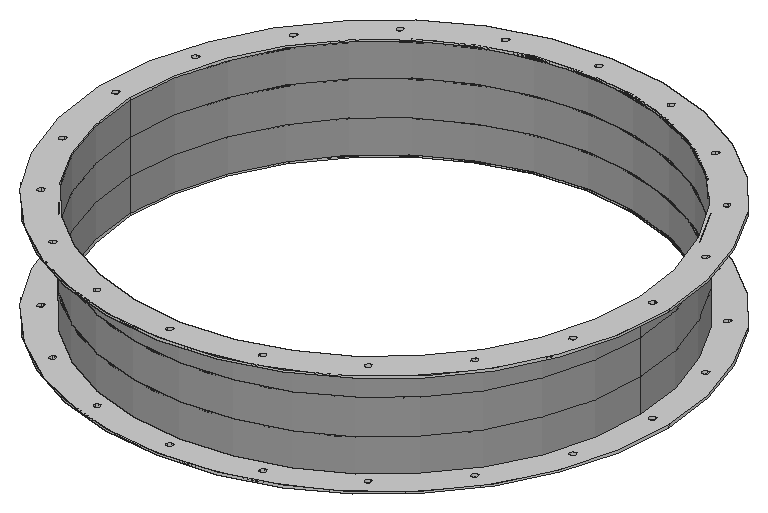
Revit family "ВВГФ-ВО", category Арматура воздуховодов, Revit 2021
Family settings
  Размер круглого соединителя = Использовать диаметр
  Тип детали = Присоединяется
  На основе рабочей плоскости = Нет
  Всегда вертикально = Да
  При загрузке вырезать с полостями = Нет
  Общий = Нет
Parameters (values of type "ВВГФ-ВО-1250")
  Отметка по умолчанию = 0 mm
  Вес = "17.52 кг"
  t = L - 5 mm  # 255 mm
  n = 20
  l1 = L / 3  # 86.667 mm
  l = L / 2  # 130 mm
  d = 15 mm
  R1 = D1 / 2  # 660 mm
  Maintenance zone material = none
  Load Classification = "HVAC"
  L = 260 mm
  Grid Material = Cover Grid Cross
  Dy = 1250 mm
  Dn = Dy + 10 mm  # 1260 mm
  D2 = 1400 mm
  D1 = 1320 mm
  Casing Material = Условный материал-отделка
  09_System_Name [instance] = ""
  00_20_Type = "ВВГФ-ВО-1250"
  00_20_Name = "Гнучка вставка"
  00_20_Manufacturer = "Вентс"  # constant formula
Types (12, lengths in mm): name | Вес | n | d | R1 | Dy | Dn | D2 | D1 | 00_20_Type
  (no name) | "17.52 кг" | 20 | 15 | 660 | 1250 | 1260 | 1400 | 1320 | "ВВГФ-ВО-1250"
  ВВГФ-ВО-400 | "4.76 кг" | 12 | 8 | 225 | 400 | 410 | 490 | 450 | "ВВГФ-ВО-400"
  ВВГФ-ВО-450 | "5.34 кг" | 12 | 8 | 250 | 450 | 460 | 540 | 500 | "ВВГФ-ВО-450"
  ВВГФ-ВО-500 | "6.12 кг" | 12 | 12 | 280 | 500 | 510 | 600 | 560 | "ВВГФ-ВО-500"
  ВВГФ-ВО-560 | "6.83 кг" | 12 | 12 | 310 | 560 | 570 | 660 | 620 | "ВВГФ-ВО-560"
  ВВГФ-ВО-630 | "7.66 кг" | 12 | 12 | 345 | 630 | 640 | 730 | 690 | "ВВГФ-ВО-630"
  ВВГФ-ВО-710 | "8.6 кг" | 16 | 12 | 385 | 710 | 720 | 810 | 770 | "ВВГФ-ВО-710"
  ВВГФ-ВО-800 | "9.67 кг" | 16 | 12 | 430 | 800 | 810 | 900 | 860 | "ВВГФ-ВО-800"
  ВВГФ-ВО-900 | "11.4 кг" | 16 | 15 | 485 | 900 | 910 | 1015 | 970 | "ВВГФ-ВО-900"
  ВВГФ-ВО-1000 | "12.64 кг" | 16 | 15 | 535 | 1000 | 1010 | 1115 | 1070 | "ВВГФ-ВО-1000"
  ВВГФ-ВО-1120 | "15.73 кг" | 20 | 15 | 595 | 1120 | 1130 | 1270 | 1190 | "ВВГФ-ВО-1120"
  ВВГФ-ВО-1250 | "17.52 кг" | 20 | 15 | 660 | 1250 | 1260 | 1400 | 1320 | "ВВГФ-ВО-1250"
Reference planes
  plane 1 "По центру (Вперед/Назад)": y = 0
  plane 2: z = 0
  plane 3 "По центру (Влево/Вправо)": x = 0
  plane 4: z = 260
Forms (mm)
  Extrusion 1, solid, material "Условный материал-отделка" <- "Casing Material"
    sketch origin (0, 0, 0) x (1, 0, 0) y (0, 1, 0)
      loop
        circle (0, 0) r 625
      loop
        circle (0, 0) r 700
    from 0 to 5
  Extrusion 2, void
    sketch origin (0, 438.787, 0) x (1, 0, 0) y (0, 1, 0)
      loop
        circle (0, 221.213) r 7.5
    from 0 to 5
  Extrusion 3, void
    sketch origin (135.593, 417.312, 0) x (0.951057, -0.309017, 0) y (0.309017, 0.951057, 0)
      loop
        circle (0, 221.213) r 7.5
    from 0 to 5
  Extrusion 4, void
    sketch origin (-135.593, 417.312, 0) x (0.951057, 0.309017, 0) y (-0.309017, 0.951057, 0)
      loop
        circle (0, 221.213) r 7.5
    from 0 to 5
  Extrusion 5, void
    sketch origin (-257.913, 354.986, 0) x (0.809017, 0.587785, 0) y (-0.587785, 0.809017, 0)
      loop
        circle (0, 221.213) r 7.5
    from 0 to 5
  Extrusion 6, void
    sketch origin (-354.986, 257.913, 0) x (0.587785, 0.809017, 0) y (-0.809017, 0.587785, 0)
      loop
        circle (0, 221.213) r 7.5
    from 0 to 5
  Extrusion 7, void
    sketch origin (-417.312, 135.593, 0) x (0.309017, 0.951057, 0) y (-0.951057, 0.309017, 0)
      loop
        circle (0, 221.213) r 7.5
    from 0 to 5
  Extrusion 8, void
    sketch origin (-438.787, 0, 0) x (0, 1, 0) y (-1, 0, 0)
      loop
        circle (0, 221.213) r 7.5
    from 0 to 5
  Extrusion 9, void
    sketch origin (-417.312, -135.593, 0) x (-0.309017, 0.951057, 0) y (-0.951057, -0.309017, 0)
      loop
        circle (0, 221.213) r 7.5
    from 0 to 5
  Extrusion 10, void
    sketch origin (-354.986, -257.913, 0) x (-0.587785, 0.809017, 0) y (-0.809017, -0.587785, 0)
      loop
        circle (0, 221.213) r 7.5
    from 0 to 5
  Extrusion 11, void
    sketch origin (-257.913, -354.986, 0) x (-0.809017, 0.587785, 0) y (-0.587785, -0.809017, 0)
      loop
        circle (0, 221.213) r 7.5
    from 0 to 5
  Extrusion 12, void
    sketch origin (-135.593, -417.312, 0) x (-0.951057, 0.309017, 0) y (-0.309017, -0.951057, 0)
      loop
        circle (0, 221.213) r 7.5
    from 0 to 5
  Extrusion 13, void
    sketch origin (0, -438.787, 0) x (-1, 0, 0) y (0, -1, 0)
      loop
        circle (0, 221.213) r 7.5
    from 0 to 5
  Extrusion 14, solid, material "Условный материал-отделка" <- "Casing Material"
    sketch origin (0, 0, 0) x (1, 0, 0) y (0, 1, 0)
      loop
        circle (0, 0) r 625
      loop
        circle (0, 0) r 700
    from 255 to 260
  Extrusion 15, void
    sketch origin (0, 438.053, 0) x (1, 0, 0) y (0, 1, 0)
      loop
        circle (0, 221.947) r 7.5
    from 255 <- "t" to 260 <- "L"
  Extrusion 16, void
    sketch origin (135.366, 416.614, 0) x (0.951057, -0.309017, 0) y (0.309017, 0.951057, 0)
      loop
        circle (0, 221.947) r 7.5
    from 255 <- "t" to 260 <- "L"
  Extrusion 17, void
    sketch origin (-135.366, 416.614, 0) x (0.951057, 0.309017, 0) y (-0.309017, 0.951057, 0)
      loop
        circle (0, 221.947) r 7.5
    from 255 <- "t" to 260 <- "L"
  Extrusion 18, void
    sketch origin (-257.481, 354.393, 0) x (0.809017, 0.587785, 0) y (-0.587785, 0.809017, 0)
      loop
        circle (0, 221.947) r 7.5
    from 255 <- "t" to 260 <- "L"
  Extrusion 19, void
    sketch origin (-354.393, 257.481, 0) x (0.587785, 0.809017, 0) y (-0.809017, 0.587785, 0)
      loop
        circle (0, 221.947) r 7.5
    from 255 <- "t" to 260 <- "L"
  Extrusion 20, void
    sketch origin (-416.614, 135.366, 0) x (0.309017, 0.951057, 0) y (-0.951057, 0.309017, 0)
      loop
        circle (0, 221.947) r 7.5
    from 255 <- "t" to 260 <- "L"
  Extrusion 21, void
    sketch origin (-438.053, 0, 0) x (0, 1, 0) y (-1, 0, 0)
      loop
        circle (0, 221.947) r 7.5
    from 255 <- "t" to 260 <- "L"
  Extrusion 22, void
    sketch origin (-416.614, -135.366, 0) x (-0.309017, 0.951057, 0) y (-0.951057, -0.309017, 0)
      loop
        circle (0, 221.947) r 7.5
    from 255 <- "t" to 260 <- "L"
  Extrusion 23, void
    sketch origin (-354.393, -257.481, 0) x (-0.587785, 0.809017, 0) y (-0.809017, -0.587785, 0)
      loop
        circle (0, 221.947) r 7.5
    from 255 <- "t" to 260 <- "L"
  Extrusion 24, void
    sketch origin (-257.481, -354.393, 0) x (-0.809017, 0.587785, 0) y (-0.587785, -0.809017, 0)
      loop
        circle (0, 221.947) r 7.5
    from 255 <- "t" to 260 <- "L"
  Extrusion 25, void
    sketch origin (-135.366, -416.614, 0) x (-0.951057, 0.309017, 0) y (-0.309017, -0.951057, 0)
      loop
        circle (0, 221.947) r 7.5
    from 255 <- "t" to 260 <- "L"
  Extrusion 26, void
    sketch origin (0, -438.053, 0) x (-1, 0, 0) y (0, -1, 0)
      loop
        circle (0, 221.947) r 7.5
    from 255 <- "t" to 260 <- "L"
  Extrusion 27, solid, material "Ткань"
    sketch origin (0, 0, 0) x (1, 0, 0) y (0, 1, 0)
      loop
        circle (0, 0) r 625
      loop
        circle (0, 0) r 630
    from 5 to 86.667
  Extrusion 28, solid, material "Ткань"
    sketch origin (0, 0, 0) x (1, 0, 0) y (0, 1, 0)
      loop
        circle (0, 0) r 630
      loop
        circle (0, 0) r 625
    from 86.667 to 173.333
  Extrusion 29, solid, material "Ткань"
    sketch origin (0, 0, 0) x (1, 0, 0) y (0, 1, 0)
      loop
        circle (0, 0) r 630
      loop
        circle (0, 0) r 625
    from 255 to 173.333
  Extrusion 30, void
    sketch origin (135.593, -417.312, 0) x (-0.951057, -0.309017, 0) y (0.309017, -0.951057, 0)
      loop
        circle (0, 221.213) r 7.5
    from 0 to 5
  Extrusion 31, void
    sketch origin (257.913, -354.986, 0) x (-0.809017, -0.587785, 0) y (0.587785, -0.809017, 0)
      loop
        circle (0, 221.213) r 7.5
    from 0 to 5
  Extrusion 32, void
    sketch origin (354.986, -257.913, 0) x (-0.587785, -0.809017, 0) y (0.809017, -0.587785, 0)
      loop
        circle (0, 221.213) r 7.5
    from 0 to 5
  Extrusion 33, void
    sketch origin (417.312, -135.593, 0) x (-0.309017, -0.951057, 0) y (0.951057, -0.309017, 0)
      loop
        circle (0, 221.213) r 7.5
    from 0 to 5
  Extrusion 34, void
    sketch origin (438.787, 0, 0) x (0, -1, 0) y (1, 0, 0)
      loop
        circle (0, 221.213) r 7.5
    from 0 to 5
  Extrusion 35, void
    sketch origin (417.312, 135.593, 0) x (0.309017, -0.951057, 0) y (0.951057, 0.309017, 0)
      loop
        circle (0, 221.213) r 7.5
    from 0 to 5
  Extrusion 36, void
    sketch origin (354.986, 257.913, 0) x (0.587785, -0.809017, 0) y (0.809017, 0.587785, 0)
      loop
        circle (0, 221.213) r 7.5
    from 0 to 5
  Extrusion 37, void
    sketch origin (257.913, 354.986, 0) x (0.809017, -0.587785, 0) y (0.587785, 0.809017, 0)
      loop
        circle (0, 221.213) r 7.5
    from 0 to 5
  Extrusion 38, void
    sketch origin (135.366, -416.614, 0) x (-0.951057, -0.309017, 0) y (0.309017, -0.951057, 0)
      loop
        circle (0, 221.947) r 7.5
    from 255 <- "t" to 260 <- "L"
  Extrusion 39, void
    sketch origin (257.481, -354.393, 0) x (-0.809017, -0.587785, 0) y (0.587785, -0.809017, 0)
      loop
        circle (0, 221.947) r 7.5
    from 255 <- "t" to 260 <- "L"
  Extrusion 40, void
    sketch origin (354.393, -257.481, 0) x (-0.587785, -0.809017, 0) y (0.809017, -0.587785, 0)
      loop
        circle (0, 221.947) r 7.5
    from 255 <- "t" to 260 <- "L"
  Extrusion 41, void
    sketch origin (416.614, -135.366, 0) x (-0.309017, -0.951057, 0) y (0.951057, -0.309017, 0)
      loop
        circle (0, 221.947) r 7.5
    from 255 <- "t" to 260 <- "L"
  Extrusion 42, void
    sketch origin (438.053, 0, 0) x (0, -1, 0) y (1, 0, 0)
      loop
        circle (0, 221.947) r 7.5
    from 255 <- "t" to 260 <- "L"
  Extrusion 43, void
    sketch origin (416.614, 135.366, 0) x (0.309017, -0.951057, 0) y (0.951057, 0.309017, 0)
      loop
        circle (0, 221.947) r 7.5
    from 255 <- "t" to 260 <- "L"
  Extrusion 44, void
    sketch origin (354.393, 257.481, 0) x (0.587785, -0.809017, 0) y (0.809017, 0.587785, 0)
      loop
        circle (0, 221.947) r 7.5
    from 255 <- "t" to 260 <- "L"
  Extrusion 45, void
    sketch origin (257.481, 354.393, 0) x (0.809017, -0.587785, 0) y (0.587785, 0.809017, 0)
      loop
        circle (0, 221.947) r 7.5
    from 255 <- "t" to 260 <- "L"
Cuts and joins
  Extrusion 2, Extrusion 3, Extrusion 4, Extrusion 5, Extrusion 6, Extrusion 7, Extrusion 8, Extrusion 9, Extrusion 10, Extrusion 11, Extrusion 12, Extrusion 13, Extrusion 30, Extrusion 31, Extrusion 32, Extrusion 33, Extrusion 34, Extrusion 35, Extrusion 36, Extrusion 37 cuts Extrusion 1
  Extrusion 15, Extrusion 16, Extrusion 17, Extrusion 18, Extrusion 19, Extrusion 20, Extrusion 21, Extrusion 22, Extrusion 23, Extrusion 24, Extrusion 25, Extrusion 26, Extrusion 38, Extrusion 39, Extrusion 40, Extrusion 41, Extrusion 42, Extrusion 43, Extrusion 44, Extrusion 45 cuts Extrusion 14
Dimensions and locks
  "L": level to plane 4
  locked: Extrusion 1 to Extrusion 1 at 5
  locked: Extrusion 14 to Extrusion 14 at 5
  "l1": Extrusion 27 to level
  "l1": Extrusion 28 to Extrusion 28
  "l1": Extrusion 29 to plane 4
  "Dy": diameter of Extrusion 1 sketch curve
  "D2": diameter of Extrusion 1 sketch curve
  "d": diameter of Extrusion 2 sketch curve
  "d": diameter of Extrusion 3 sketch curve
  "d": diameter of Extrusion 4 sketch curve
  "d": diameter of Extrusion 5 sketch curve
  "d": diameter of Extrusion 6 sketch curve
  "d": diameter of Extrusion 7 sketch curve
  "d": diameter of Extrusion 8 sketch curve
  "d": diameter of Extrusion 9 sketch curve
  "d": diameter of Extrusion 10 sketch curve
  "d": diameter of Extrusion 11 sketch curve
  "d": diameter of Extrusion 12 sketch curve
  "d": diameter of Extrusion 13 sketch curve
  "R1": radius of radial array  (x2)
  "Dy": diameter of Extrusion 14 sketch curve
  "D2": diameter of Extrusion 14 sketch curve
  "d": diameter of Extrusion 15 sketch curve
  "d": diameter of Extrusion 16 sketch curve
  "d": diameter of Extrusion 17 sketch curve
  "d": diameter of Extrusion 18 sketch curve
  "d": diameter of Extrusion 19 sketch curve
  "d": diameter of Extrusion 20 sketch curve
  "d": diameter of Extrusion 21 sketch curve
  "d": diameter of Extrusion 22 sketch curve
  "d": diameter of Extrusion 23 sketch curve
  "d": diameter of Extrusion 24 sketch curve
  "d": diameter of Extrusion 25 sketch curve
  "d": diameter of Extrusion 26 sketch curve
  "Dy": diameter of Extrusion 27 sketch curve
  "Dn": diameter of Extrusion 27 sketch curve
  "Dn": diameter of Extrusion 28 sketch curve
  "Dy": diameter of Extrusion 28 sketch curve
  "Dy": diameter of Extrusion 29 sketch curve
  "Dn": diameter of Extrusion 29 sketch curve
  "d": diameter of Extrusion 30 sketch curve
  "d": diameter of Extrusion 31 sketch curve
  "d": diameter of Extrusion 32 sketch curve
  "d": diameter of Extrusion 33 sketch curve
  "d": diameter of Extrusion 34 sketch curve
  "d": diameter of Extrusion 35 sketch curve
  "d": diameter of Extrusion 36 sketch curve
  "d": diameter of Extrusion 37 sketch curve
  "d": diameter of Extrusion 38 sketch curve
  "d": diameter of Extrusion 39 sketch curve
  "d": diameter of Extrusion 40 sketch curve
  "d": diameter of Extrusion 41 sketch curve
  "d": diameter of Extrusion 42 sketch curve
  "d": diameter of Extrusion 43 sketch curve
  "d": diameter of Extrusion 44 sketch curve
  "d": diameter of Extrusion 45 sketch curve
  aligned and locked: level to plane 2
  aligned and locked: plane 4 to Extrusion 14
  aligned and locked: Extrusion 27 to cut or joined group 1 (Extrusion 1, Extrusion 2, Extrusion 3, Extrusion 4, Extrusion 5, Extrusion 6, Extrusion 7, Extrusion 8, Extrusion 9, Extrusion 10, Extrusion 11, Extrusion 12, Extrusion 13, Extrusion 30, Extrusion 31, Extrusion 32, Extrusion 33, Extrusion 34, Extrusion 35, Extrusion 36, Extrusion 37)
  aligned and locked: Extrusion 28 to Extrusion 27
  aligned and locked: Extrusion 29 to cut or joined group 2 (Extrusion 14, Extrusion 15, Extrusion 16, Extrusion 17, Extrusion 18, Extrusion 19, Extrusion 20, Extrusion 21, Extrusion 22, Extrusion 23, Extrusion 24, Extrusion 25, Extrusion 26, Extrusion 38, Extrusion 39, Extrusion 40, Extrusion 41, Extrusion 42, Extrusion 43, Extrusion 44, Extrusion 45)
Automatic sketch dimensions
  Extrusion 1 sketch curve to Extrusion 1 sketch curve = 0 mm  (x2)
  plane 1 "По центру (Вперед/Назад)" to Extrusion 1 sketch curve = 0 mm
  Extrusion 1 sketch curve to plane 3 "По центру (Влево/Вправо)" = 0 mm
  Extrusion 14 sketch curve to Extrusion 14 sketch curve = 0 mm  (x2)
  plane 1 "По центру (Вперед/Назад)" to Extrusion 14 sketch curve = 0 mm
  Extrusion 14 sketch curve to plane 3 "По центру (Влево/Вправо)" = 0 mm
  Extrusion 27 sketch curve to Extrusion 27 sketch curve = 0 mm  (x2)
  plane 1 "По центру (Вперед/Назад)" to Extrusion 27 sketch curve = 0 mm
  Extrusion 27 sketch curve to plane 3 "По центру (Влево/Вправо)" = 0 mm
  Extrusion 28 sketch curve to Extrusion 28 sketch curve = 0 mm  (x2)
  plane 1 "По центру (Вперед/Назад)" to Extrusion 28 sketch curve = 0 mm
  Extrusion 28 sketch curve to plane 3 "По центру (Влево/Вправо)" = 0 mm
  Extrusion 29 sketch curve to Extrusion 29 sketch curve = 0 mm  (x2)
  plane 1 "По центру (Вперед/Назад)" to Extrusion 29 sketch curve = 0 mm
  Extrusion 29 sketch curve to plane 3 "По центру (Влево/Вправо)" = 0 mm
Connectors
  hvac at (0, 0, 260), driven by "Dy"
    settings: on cut or joined group 2, index 1, duct flow 0.0 L/s, flow factor 0, pres drop 0.0 Pa, loss coef 0, conn angle 0.00°, conn width 304.8 mm, conn height 304.8 mm, conn diameter 1250 mm, duct sys type 3, conn prof type 0, flow config 0, flow direction 0, loss method 0, conn ref index -1, conn util no, is conn primary yes, conn desc ""
  hvac at (0, 0, 0), driven by "Dy"
    settings: on cut or joined group 1, index 2, duct flow 0.0 L/s, flow factor 0, pres drop 0.0 Pa, loss coef 0, conn angle 0.00°, conn width 304.8 mm, conn height 304.8 mm, conn diameter 1250 mm, duct sys type 3, conn prof type 0, flow config 0, flow direction 0, loss method 0, conn ref index -1, conn util no, is conn primary no, conn desc ""
